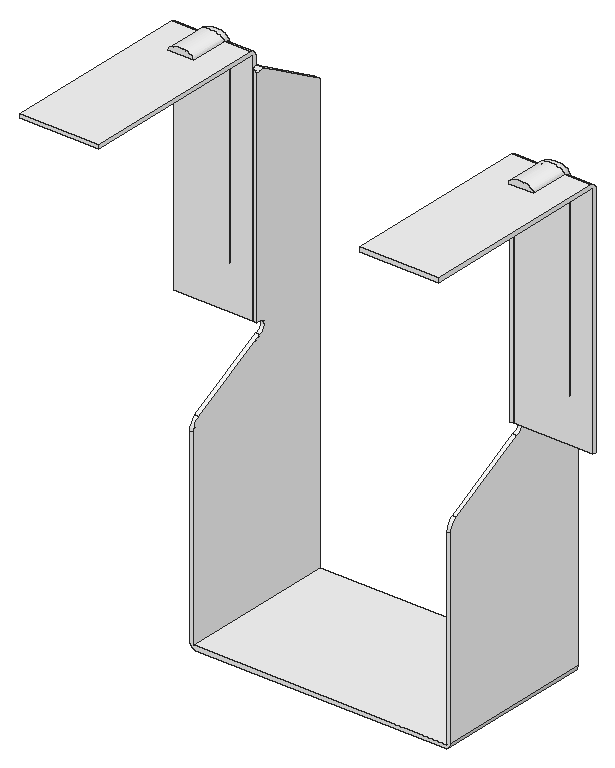
Revit family "sqclip_4040", category 機械設備, Revit 2022
Family settings
  丸型コネクタ寸法 = 直径を使用
  種別 = なし
  パーツ タイプ = 標準
  作業面ベース = いいえ
  常に垂直 = はい
  ロード時にボイドで切り取り = いいえ
  注釈の向きを維持 = いいえ
  共有 = いいえ
  部屋計算ポイント = いいえ
Parameters
  製造元 = "株式会社桐井製作所"
  既定の高さ = 0 mm
  URL = "https://www.kirii.co.jp/"
  K_材質 = "溶融亜鉛めっき鋼板"
  K_品名 = "SQクリップ4040用"
  K_名称 = "SQ-BAR関連部材"
  K_入数 = "150"
  K_バージョン情報 = "20210524"
Reference planes
  plane 1 "中心(正面/背面)": y = 0
  plane 2: z = 0
  plane 3 "中心(左/右)": x = 0
Forms (mm)
  Extrusion 1, solid
    sketch origin (0, 0, 0) x (1, 0, 0) y (0, 0, 1)
      loop
        line (20.05, 76.328) -> (20.05, 0.6) -> (-20.05, 0.6) -> (-20.05, 76.328) -> (-20.65, 76.928) -> (-20.65, 1)
        arc (-20.65, 1) -> (-20.357, 0.293) -> (-19.65, 0) r 1
        line (-19.65, 0) -> (19.65, 0)
        arc (19.65, 0) -> (20.357, 0.293) -> (20.65, 1) r 1
        line (20.65, 1) -> (20.65, 76.928) -> (20.05, 76.328)
    from -12.6 to 12.4
  Extrusion 2, void
    sketch origin (0, 0, 0) x (0, 1, 0) y (0, 0, 1)
      loop
        line (12.6, 76.928) -> (0.6, 76.928) -> (12.1, 70.289)
        arc (12.1, 70.289) -> (12.466, 69.923) -> (12.6, 69.423) r 1
        line (12.6, 69.423) -> (12.6, 76.928)
    from 20.05 to 21.265
  Extrusion 3, void
    sketch origin (0, 0, 0) x (0, 1, 0) y (0, 0, 1)
      loop
        line (12.6, 76.928) -> (0.6, 76.928) -> (12.1, 70.289)
        arc (12.1, 70.289) -> (12.466, 69.923) -> (12.6, 69.423) r 1
        line (12.6, 69.423) -> (12.6, 76.928)
    from -21.202 to -20.05
  Extrusion 4, void
    sketch origin (0, 0, 0) x (0, 1, 0) y (0, 0, 1)
      loop
        line (-11.339, 32.564) -> (0.6, 38.912)
        arc (0.6, 38.912) -> (1.595, 39.823) -> (0.8, 40.912) r 1.011
        line (0.8, 40.912) -> (0, 40.912) -> (0, 76.928) -> (-12.4, 76.928) -> (-12.4, 30.798)
        arc (-12.4, 30.798) -> (-12.114, 31.828) -> (-11.339, 32.564) r 2
    from 20.05 to 21.265
  Extrusion 5, void
    sketch origin (-40.7, 0, 0) x (0, 1, 0) y (0, 0, 1)
      loop
        line (-11.339, 32.564) -> (0.6, 38.912)
        arc (0.6, 38.912) -> (1.595, 39.816) -> (0.8, 40.901) r 1.005
        line (0.8, 40.901) -> (0, 40.901) -> (0, 76.928) -> (-12.4, 76.928) -> (-12.4, 30.798)
        arc (-12.4, 30.798) -> (-12.114, 31.828) -> (-11.339, 32.564) r 2
    from 20.05 to 21.265
  Extrusion 6, solid
    sketch origin (0, 0, 0) x (0, 1, 0) y (0, 0, -1)
      loop
        arc (-0.4, -79.2) -> (0.307, -78.907) -> (0.6, -78.2) r 1
        line (0.6, -78.2) -> (0.6, -40.301) -> (0, -40.901) -> (0, -78.6) -> (-30.405, -78.6) -> (-31.005, -79.2) -> (-0.4, -79.2)
    from 20.65 to 33.15
  Extrusion 7, void
    sketch origin (0, 0, 0) x (0, 1, 0) y (0, 0, 1)
      loop
        line (-30.405, 78.6) -> (-30.405, 79.382) -> (-31.205, 79.382) -> (-31.205, 78.6) -> (-30.405, 78.6)
    from 20.65 to 33.15
  Extrusion 8, solid
    sketch origin (0, 0, 0) x (0, 1, 0) y (0, 0, 1)
      loop
        line (-0.4, 79.2) -> (-31.005, 79.2) -> (-30.405, 78.6) -> (0, 78.6) -> (0, 40.911) -> (0.6, 40.311) -> (0.6, 78.2)
        arc (0.6, 78.2) -> (0.307, 78.907) -> (-0.4, 79.2) r 1
    from 20.65 to 33.15
  Extrusion 9, void
    sketch origin (0, 0, 0) x (0, 1, 0) y (0, 0, -1)
      loop
        line (-30.405, -78.6) -> (-31.205, -78.6) -> (-31.205, -79.382) -> (-30.405, -79.382) -> (-30.405, -78.6)
    from 20.65 to 33.15
  Extrusion 10, void
    sketch origin (0, 0, 0) x (0, 1, 0) y (0, 0, 1)
      loop
        line (0.6, 40.912) -> (-0.2, 40.912) -> (-0.2, 40.112) -> (0.6, 40.112) -> (0.6, 40.912)
    from 20.65 to 33.15
  Extrusion 11, void
    sketch origin (-53.821, 0, 0) x (0, 1, 0) y (0, 0, 1)
      loop
        line (0.6, 40.912) -> (-0.2, 40.912) -> (-0.2, 40.112) -> (0.6, 40.112) -> (0.6, 40.912)
    from 20.671 to 34.386
  Sweep 12, solid
    path origin (26.9, 0, 0) x (0, 1, 0) y (0, 0, 1)
      loop
        line (0.6, 45.912) -> (0.6, 78.2)
        arc (0.6, 78.2) -> (0.307, 78.907) -> (-0.4, 79.2) r 1
        line (-0.4, 79.2) -> (-6.381, 79.2)
    profile origin (26.9, -3.39, 79.2) x (0, 0, -1) y (1, 0, 0)
      loop
        line (0, -2) -> (0, 2)
        spline (0, 2) -> (-0.259, 1.932) -> (-0.501, 1.732) -> (-0.709, 1.414) -> (-0.868, 1) -> (-0.968, 0.518) -> (-1.002, 0) -> (-0.968, -0.518) -> (-0.868, -1) -> (-0.709, -1.414) -> (-0.501, -1.732) -> (-0.259, -1.932) -> (0, -2)
  Extrusion 13, void
    sketch origin (0, 0, 0) x (1, 0, 0) y (0, 0, 1)
      loop
        line (28.9, 47.823) -> (28.9, 45.45) -> (24.9, 45.45) -> (24.9, 47.912)
        arc (24.9, 47.912) -> (26.9, 45.912) -> (28.9, 47.912) r 2
    from -1.846 to -0.6
  Sweep 14, solid
    path origin (-26.9, 0, 0) x (0, 1, 0) y (0, 0, 1)
      loop
        line (0.6, 45.912) -> (0.6, 78.2)
        arc (0.6, 78.2) -> (0.307, 78.907) -> (-0.4, 79.2) r 1
        line (-0.4, 79.2) -> (-6.381, 79.2)
    profile origin (-26.9, -3.39, 79.2) x (0, 0, -1) y (1, 0, 0)
      loop
        line (0, -2) -> (0, 2)
        spline (0, 2) -> (-0.259, 1.932) -> (-0.501, 1.732) -> (-0.709, 1.414) -> (-0.868, 1) -> (-0.968, 0.518) -> (-1.002, 0) -> (-0.968, -0.518) -> (-0.868, -1) -> (-0.709, -1.414) -> (-0.501, -1.732) -> (-0.259, -1.932) -> (0, -2)
  Extrusion 15, void
    sketch origin (-53.8, 0, 0) x (1, 0, 0) y (0, 0, 1)
      loop
        line (28.9, 47.823) -> (28.9, 45.45) -> (24.9, 45.45) -> (24.9, 47.912)
        arc (24.9, 47.912) -> (26.9, 45.912) -> (28.9, 47.912) r 2
    from -1.846 to -0.6
Cuts and joins
  Extrusion 9, Extrusion 11 cuts Extrusion 6
  Extrusion 7, Extrusion 9, Extrusion 10, Extrusion 13, Extrusion 15 cuts Extrusion 8
  joined: Extrusion 6, Extrusion 8
  Extrusion 13, Extrusion 15 cuts Sweep 12
  Extrusion 15 cuts Sweep 14
  Extrusion 2, Extrusion 3, Extrusion 4, Extrusion 5 cuts Extrusion 1
Dimensions and locks
  aligned and locked: level to plane 2
